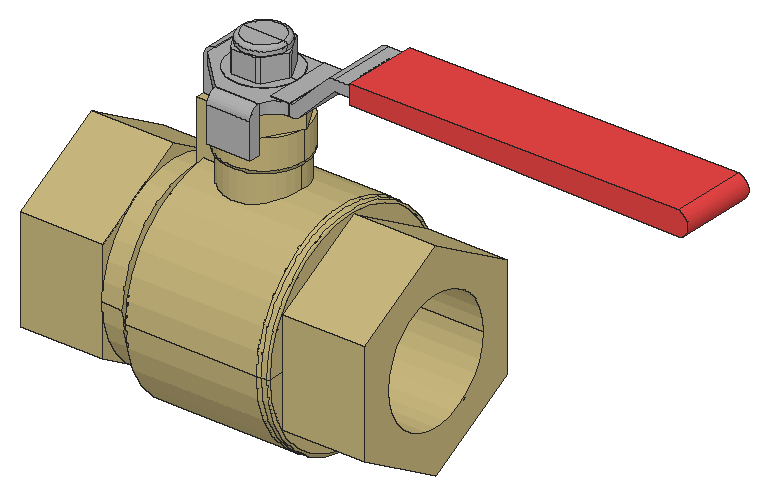
Revit family "QA00350000", category Apparecchi idraulici, Revit 2016
Family settings
  Tipo di parte = Normale
  Quota connettore circolare = Usa diametro
  Numero OmniClass = 23.45.00.00
  Titolo OmniClass = Sanitary, Laundry, and Cleaning Equipment
  Basato su piano di lavoro = No
  Sempre verticale = Sì
  Taglio con vuoti quando caricato = No
  Condiviso = No
  Punto di calcolo locali = No
Parameters
  URL = "https://web.cimberio.it/index.php/figura/87?subcategoria_id=41693"
  DN Model [instance] = QA00351032 : QA00351032
  DN [instance] = 32 mm
Reference planes
  plane 1 "Centro (Fronte/Retro)": y = 0
  plane 2: z = 0
  plane 3 "Centro (Sinistra/Destra)": x = 0
Dimensions and locks
  aligned and locked: level to plane 2
Nested families
  nested 1: "QA00351032" at (0, 0, 0), type <- "DN Model", type "QA00351032"
  nested 2: "QA00351032" at (0, 0, 0), type <- "DN Model", type "QA00351032"
  nested 3: "QA00351032" at (0, 0, 0), type <- "DN Model", type "QA00351032"
  nested 4: "QA00351032" at (0, 0, 0), type <- "DN Model", type "QA00351032"
  nested 5: "QA00351032" at (0, 0, 0), type <- "DN Model", type "QA00351032"
  nested 6: "QA00351032" at (0, 0, 0), type <- "DN Model", type "QA00351032"
  nested 7: "QA00351032" at (0, 0, 0), type <- "DN Model", type "QA00351032"
  nested 8: "QA00351032" at (0, 0, 0), type <- "DN Model", type "QA00351032"
  nested 9: "QA00351032" at (0, 0, 0), type <- "DN Model", type "QA00351032"
  nested 10: "QA00351032" at (0, 0, 0), type <- "DN Model", type "QA00351032"
  nested 11: "QA00351032" at (0, 0, 0), type <- "DN Model", type "QA00351032"
Connectors
  piping at (45.85, 0, 0), diameter 32, driven by "DN"
    settings: on nested 1, index 1, connector inside diameter 609.6 mm, connector length 0 mm, flow factor 0, pipe flow 0.0 L/s, pressure drop 0.0 Pa, fitting loss kfactor 0, connector angle 0.00°, fixture units 0, engagement length 0 mm, angle of deflection 0.00°, flow configuration 0, flow direction 0, fitting loss method 0, system type 7, joint type 0, gender type 0, connector reference index -1, connector utility 0, adjustable connector no, is connector primary yes, connector description ""
  piping at (-45.85, 0, 0), diameter 32, driven by "DN"
    settings: on nested 1, index 2, connector inside diameter 609.6 mm, connector length 0 mm, flow factor 0, pipe flow 0.0 L/s, pressure drop 0.0 Pa, fitting loss kfactor 0, connector angle 0.00°, fixture units 0, engagement length 0 mm, angle of deflection 0.00°, flow configuration 0, flow direction 0, fitting loss method 0, system type 7, joint type 0, gender type 0, connector reference index -1, connector utility 0, adjustable connector no, is connector primary no, connector description ""
Definition of nested family "QA00351032"
  Reference planes
    plane 1 "Centro (Fronte/Retro)": y = 0
    plane 2: z = 0
    plane 3 "Centro (Sinistra/Destra)": x = 0
  Forms (mm)
    Revolve 1, solid
      sketch origin (0, 0, 0) x (1, 0, 0) y (0, 1, 0)
        loop
          line (-24, 11.771) -> (23.85, 11.771) -> (23.85, 27.586)
          arc (23.85, 27.586) -> (23.711, 28.002) -> (23.35, 28.25) r 0.69
          line (23.35, 28.25) -> (21.761, 28.25) -> (20.828, 28.5) -> (-14, 28.5) -> (-18.5, 24) -> (-24, 24) -> (-24, 11.771)
        axis (-24, 0) -> (23.85, 0)
      angle from 0 to 360
    Extrusion 2, solid
      sketch origin (-11, 0, 0) x (0, 0, 1) y (0, 1, 0)
        loop
          circle (0, 0) r 16
        loop
          line (-27.4, 0) -> (-13.7, -23.729) -> (13.7, -23.729) -> (27.4, 0) -> (13.7, 23.729) -> (-13.7, 23.729) -> (-27.4, 0)
      from 13 to 34.85
    Extrusion 3, solid
      sketch origin (11, 0, 0) x (0, 0, 1) y (0, -1, 0)
        loop
          circle (0, 0) r 16
        loop
          line (-27.4, 0) -> (-13.7, -23.729) -> (13.7, -23.729) -> (27.4, 0) -> (13.7, 23.729) -> (-13.7, 23.729) -> (-27.4, 0)
      from 12.35 to 34.85
    Revolve 4, solid
      sketch origin (0, 0, 0) x (1, 0, 0) y (0, 0, 1)
        loop
          line (0, 43.3) -> (0, 25.596) -> (10.25, 25.596) -> (10.25, 34.5)
          arc (10.25, 34.5) -> (10.791, 34.856) -> (11, 35.468) r 1
          line (11, 35.468) -> (11, 43.3) -> (0, 43.3)
        axis (0, 43.3) -> (0, 25.596)
      angle from 0 to 360
    Extrusion 5, solid
      sketch origin (0, 0, 28.55) x (1, 0, 0) y (0, 1, 0)
        loop
          line (5.75, -9.959) -> (11.5, 0) -> (5.75, 9.959) -> (-5.75, 9.959) -> (-11.5, 0) -> (-5.75, -9.959) -> (5.75, -9.959)
      from 14.75 to 21.75
    Revolve 6, solid
      sketch origin (0, 0, 0) x (1, 0, 0) y (0, 0, 1)
        loop
          line (0, 54.2) -> (0, 50.3) -> (9, 50.3) -> (9, 54.2) -> (0, 54.2)
        axis (0, 54.2) -> (0, 50.3)
      angle from 0 to 360
    Extrusion 7, solid
      sketch origin (0, 0, 28.55) x (1, 0, 0) y (0, 1, 0)
        loop
          arc (-3.211, 6.5) -> (-3.625, 6.279) -> (-4.024, 6.031) r 7.25
          line (-4.024, 6.031) -> (-7.235, 0.469)
          arc (-7.235, 0.469) -> (-7.25, 0) -> (-7.235, -0.469) r 7.25
          line (-7.235, -0.469) -> (-4.024, -6.031)
          arc (-4.024, -6.031) -> (-3.625, -6.279) -> (-3.211, -6.5) r 7.25
          line (-3.211, -6.5) -> (3.211, -6.5)
          arc (3.211, -6.5) -> (3.625, -6.279) -> (4.024, -6.031) r 7.25
          line (4.024, -6.031) -> (7.235, -0.469)
          arc (7.235, -0.469) -> (7.25, 0) -> (7.235, 0.469) r 7.25
          line (7.235, 0.469) -> (4.024, 6.031)
          arc (4.024, 6.031) -> (3.625, 6.279) -> (3.211, 6.5) r 7.25
          line (3.211, 6.5) -> (-3.211, 6.5)
      from 25.65 to 31.65
    Revolve 8, solid
      sketch origin (0, 0, 0) x (1, 0, 0) y (0, 0, 1)
        loop
          line (0, 62.2) -> (0, 60.2) -> (6.25, 60.2) -> (6.25, 61.2)
          arc (6.25, 61.2) -> (5.957, 61.907) -> (5.25, 62.2) r 1
          line (5.25, 62.2) -> (0, 62.2)
        axis (0, 62.2) -> (0, 60.2)
      angle from 0 to 360
    Extrusion 9, solid
      sketch origin (0, 0, 0) x (1, 0, 0) y (0, 0, 1)
        loop
          line (9, 54.2) -> (9, 51.2) -> (15, 51.2)
          arc (15, 51.2) -> (16.148, 51.428) -> (17.121, 52.079) r 3
          line (17.121, 52.079) -> (26.243, 61.2) -> (31.003, 61.2) -> (31.003, 64.2) -> (26.243, 64.2)
          arc (26.243, 64.2) -> (25.07, 63.962) -> (24.085, 63.284) r 3
          line (24.085, 63.284) -> (15, 54.2) -> (9, 54.2)
      from -9 to 9
    Extrusion 10, solid
      sketch origin (0, 0, 28.55) x (1, 0, 0) y (0, 1, 0)
        loop
          line (-13, 9) -> (-13, -2.3) -> (-2.3, -13) -> (9.101, -13)
          arc (9.101, -13) -> (10.83, -10.133) -> (13.981, -9) r 5
          line (13.981, -9) -> (13.981, 9) -> (-13, 9)
      from 22.65 to 25.65
    Extrusion 11, solid
      sketch origin (0, 0, 0) x (1, 0, 0) y (0, 0, 1)
        loop
          line (-16, 42.3) -> (-16, 25.749) -> (-9.436, 25.749) -> (-9.436, 42.3) -> (-16, 42.3)
      from 0 to 2.3
    Extrusion 12, solid
      sketch origin (0, 0, 0) x (1, 0, 0) y (0, 0, 1)
        loop
          arc (-13, 54.2) -> (-15.121, 53.321) -> (-16, 51.2) r 3
          line (-16, 51.2) -> (-16, 41.842) -> (-13, 41.842) -> (-13, 54.2)
      from -9 to 0
    Extrusion 13, solid
      sketch origin (-11, 0, 0) x (0, 0, 1) y (0, 1, 0)
        loop
          line (54.2, -13) -> (41.839, -13) -> (41.839, -15.987) -> (51.213, -15.987)
          arc (51.213, -15.987) -> (53.326, -15.112) -> (54.2, -13) r 2.987
      from -20.101 to -8.7
    Extrusion 14, solid
      sketch origin (0, 0, 0) x (1, 0, 0) y (0, 0, 1)
        loop
          line (31.003, 65.2) -> (31.003, 60.2) -> (118.481, 59.437)
          arc (118.481, 59.437) -> (121.091, 62.7) -> (118.481, 65.963) r 3.345
          line (118.481, 65.963) -> (31.003, 65.2)
      from -10 to 10
  Cuts and joins
    joined: Revolve 1, Revolve 4, Extrusion 11
  Dimensions and locks
    aligned and locked: level to plane 2
